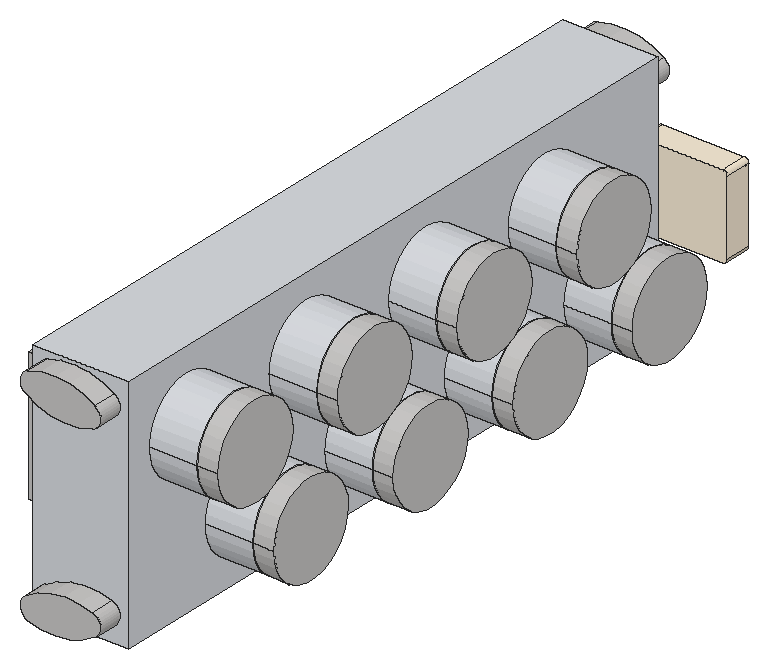
Revit family "HVAC_Ductwork_Airzone_Motorized-Plenum_LG_Standard_8-Dampers", category Mechanical Equipment, Revit 2016
Family settings
  Part Type = Normal
  Round Connector Dimension = Use Diameter
  OmniClass Number = 23.75.70.14
  OmniClass Title = Air Ductwork
  Work Plane-Based = No
  Always vertical = Yes
  Cut with Voids When Loaded = No
  Shared = No
  Room Calculation Point = No
Parameters (values of type "LGEST02XL8")
  Voltage = 230 V
  URL = "www.airzone.es"
  Type Image Comments = "Image available in product documentation download"  # constant formula
  Revit Model Version = "1.0"  # constant formula
  Revit Model Author URL = "www.a3d.es"
  Revit Model Author = "A3D Consulting"  # constant formula
  Product Documentation Download URL = "http://doc.airzone.es/BIM/Easyzone/LG-Airzone_motorized_plenum.zip"
  Product Comments = "Refer to technical documentation for further details"  # constant formula
  Power Factor = 1
  Neck Width = 1209.600 mm
  Neck Length = 95.000 mm
  Neck Height = 283.600 mm
  Material = Metal - AIRZONE - Galvanized Sheet - Semi-polished
  Main Control Board Material = Plastic - AIRZONE - Smooth - Off-white
  Load Classification = Other
  Insulated Body Width = 205.000 mm  # constant formula
  Insulated Body Material = Metal -AIRZONE - Insulating Lining -Aluminum Finish
  Insulated Body Length = 1425.000 mm  # constant formula
  Insulated Body Height = 515.000 mm  # constant formula
  Fresh Air Inlet 4 Flow [instance] = 0 m³/h
  Fresh Air Inlet 3 Flow [instance] = 0 m³/h
  Flow [instance] = Damper 8 Air Flow + Damper 7 Air Flow + Damper 6 Air Flow + Damper 5 Air Flow + Damper 4 Air Flow + Damper 3 Air Flow + Damper 2 Air Flow + Damper 1 Air Flow - Fresh Air Inlet 4 Flow - Fresh Air Inlet 3 Flow - Fresh Air Inlet 2 Flow - Fresh Air Inlet 1 Flow  # 2400 m³/h
  Fresh Air Inlet 1 Flow [instance] = 0 m³/h
  Fresh Air Inlet 2 Flow [instance] = 0 m³/h
  Fresh Air Inlet Connection Width = 175.000 mm
  Fresh Air Inlet Connection Height = 75.000 mm
  Model = "LGEST02XL8"
  Neck Side Offset = 107.700 mm
  Neck Bottom Offset = 135.700 mm
  Type Image = <None>
  Manufacturer = "AIRZONE"  # constant formula
  Main Control Board Depth = 57.000 mm  # constant formula
  Main Control Board Width = 195.000 mm  # constant formula
  Main Control Board Height = 180.000 mm  # constant formula
  Fixing = ""
  Disclaimer = "All information provided in this model is reviewed before being published. However, Airzone cannot guarantee this model is error-free, therefore users are strongly encouraged to check for technical documentation and updates"  # constant formula
  Description = "Airzone standard motorized plenum with neck that mechanically adapts to the main ducted AC units of LG."
  Type Comments = ""
  Dampers Length = 149.000 mm  # constant formula
  Dampers Diameter = 200.000 mm  # constant formula
  Damper 8 Air Flow [instance] = 300 m³/h
  Damper 7 Air Flow [instance] = 300 m³/h
  Damper 6 Air Flow [instance] = 300 m³/h
  Damper 5 Air Flow [instance] = 300 m³/h
  Damper 4 Air Flow [instance] = 300 m³/h
  Damper 1 Air Flow [instance] = 300 m³/h
  Damper 2 Air Flow [instance] = 300 m³/h
  Damper 3 Air Flow [instance] = 300 m³/h
  Fresh Air Inlet Connection Offset Height = 48.305 mm  # constant formula
  Compatible Accesories = ""
  Apparent Load = 57.5 VA
Types (4, lengths in mm): name | Neck Width | Neck Height | Model | Neck Side Offset | Neck Bottom Offset
  LGEST02XL8 | 1209.600 | 283.600 | "LGEST02XL8" | 107.700 | 135.700
  LGEST02L8 | 1209.600 | 203.600 | "LGEST02L8" | 108.700 | 170.700
  LGEST01XL8 | 1009.600 | 297.600 | "LGEST01XL8" | 218.800 | 131.700
  LGEST01L8 | 833.600 | 189.600 | "LGEST01L8" | 306.700 | 198.700
Reference planes
  plane 1 "Center (Front/Back)": y = 0
  plane 2 "Center (Elevation)": z = 0
  plane 3 "Center (Left/Right)": x = 0
  plane 4 "Neck Back": y = 604.8
  plane 5 "Neck Front": y = -604.8
  plane 6 "Neck Top": z = 141.8
  plane 7 "Neck Bottom": z = -141.8
  plane 8 "Left": x = 95
  plane 9 "Bottom": z = -277.5
  plane 10 "Top": z = 237.5
  plane 11 "Front": y = -712.5
  plane 12 "Back": y = 712.5
  plane 13 "Right": x = 300
  plane 14 "Dampers Front": x = 449
  plane 15 "Dampers L1 Center (Elevation)": z = 87.5
  plane 16 "Damper3": y = -235.84
  plane 17 "Damper2": y = 85.83
  plane 18 "Damper1": y = 407.5
  plane 19 "Middle": y = 0
  plane 20 "FreshAir L2 Center (Elevation)": z = -229.195
  plane 21 "FreshAir1": y = 765
  plane 22 "FreshAir2": y = -765
  plane 23 "Dampers Lining": x = 404
  plane 24 "FreshAir Vertical Axis": x = 195.83
  plane 25 "ConnectionBox Side": x = 254
  plane 26 "Main Control Board Center (Left/Right)": x = 351.5
  plane 27 "Damper4": y = -557.51
  plane 28 "Dampers L2 Center (Elevation)": z = -127.5
  plane 29 "Damper5": y = 557.51
  plane 30 "Damper6": y = 235.84
  plane 31 "Damper7": y = -85.83
  plane 32 "Damper8": y = -407.5
  plane 33 "InsulatedBody Center (Elevation)": z = -20
  plane 34 "FreshAir L1 Center (Elevation)": z = 189.195
Forms (mm)
  Extrusion 1, solid, material "Metal - AIRZONE - Galvanized Sheet - Semi-polished" <- "Material"
    sketch origin (0, 0, 0) x (0, 1, 0) y (0, 0, 1)
      loop
        line (-604.8, 141.8) -> (-604.8, -141.8) -> (604.8, -141.8) -> (604.8, 141.8) -> (-604.8, 141.8)
    from 0 to 95
  Extrusion 2, solid, material "Metal -AIRZONE - Insulating Lining -Aluminum Finish" <- "Insulated Body Material"
    sketch origin (95, 0, 0) x (0, 1, 0) y (0, 0, 1)
      loop
        line (-712.5, 237.5) -> (-712.5, -277.5) -> (712.5, -277.5) -> (712.5, 237.5) -> (-712.5, 237.5)
    from 0 to 205
  Extrusion 3, solid, material "Metal - AIRZONE - Galvanized Sheet - Semi-polished" <- "Material"
    sketch origin (300, 0, 0) x (0, 1, 0) y (0, 0, 1)
      loop
        circle (-235.84, 87.5) r 100
    from 104 to 149
  Extrusion 4, solid, material "Metal - AIRZONE - Galvanized Sheet - Semi-polished" <- "Material"
    sketch origin (300, 0, 0) x (0, 1, 0) y (0, 0, 1)
      loop
        circle (85.83, 87.5) r 100
    from 104 to 149
  Extrusion 5, solid, material "Metal - AIRZONE - Galvanized Sheet - Semi-polished" <- "Material"
    sketch origin (300, 0, 0) x (0, 1, 0) y (0, 0, 1)
      loop
        circle (407.5, 87.5) r 100
    from 104 to 149
  Extrusion 6, solid, material "Metal - AIRZONE - Galvanized Sheet - Semi-polished" <- "Material"
    sketch origin (0, -712.5, 0) x (0, 0, 1) y (1, 0, 0)
      loop
        arc (-196.641, 265.204) -> (-218.108, 282.105) -> (-242.812, 270.434) r 25.96
        arc (-242.812, 270.434) -> (-268.802, 200.598) -> (-261.349, 126.456) r 164.67
        arc (-261.349, 126.456) -> (-240.165, 109.589) -> (-215.494, 120.751) r 25.96
        arc (-215.494, 120.751) -> (-189.225, 190.78) -> (-196.641, 265.204) r 164.67
    from 0 to -52.5
  Extrusion 7, solid, material "Metal - AIRZONE - Galvanized Sheet - Semi-polished" <- "Material"
    sketch origin (0, 712.5, 0) x (0, 0, 1) y (1, 0, 0)
      loop
        arc (-196.641, 265.204) -> (-217.825, 282.071) -> (-242.496, 270.909) r 25.96
        arc (-242.496, 270.909) -> (-268.679, 201.53) -> (-261.767, 127.699) r 164.67
        arc (-261.767, 127.699) -> (-240.532, 109.637) -> (-215.178, 121.226) r 25.96
        arc (-215.178, 121.226) -> (-189.188, 191.062) -> (-196.641, 265.204) r 164.67
    from 0 to 52.5
  Extrusion 8, solid, material "Metal -AIRZONE - Insulating Lining -Aluminum Finish" <- "Insulated Body Material"
    sketch origin (300, 0, 0) x (0, 1, 0) y (0, 0, 1)
      loop
        circle (407.5, 87.5) r 100
    from 0 to 104
  Extrusion 9, solid, material "Metal -AIRZONE - Insulating Lining -Aluminum Finish" <- "Insulated Body Material"
    sketch origin (300, -260, 0) x (0, 1, 0) y (0, 0, 1)
      loop
        circle (345.83, 87.5) r 100
    from 0 to 104
  Extrusion 10, solid, material "Metal -AIRZONE - Insulating Lining -Aluminum Finish" <- "Insulated Body Material"
    sketch origin (300, -520, 0) x (0, 1, 0) y (0, 0, 1)
      loop
        circle (284.16, 87.5) r 100
    from 0 to 104
  Extrusion 11, solid, material "Metal - AIRZONE - Galvanized Sheet - Semi-polished" <- "Material"
    sketch origin (300, -190, 0) x (0, 1, 0) y (0, 0, 1)
      loop
        circle (-367.51, 87.5) r 100
    from 104 to 149
  Extrusion 12, solid, material "Metal -AIRZONE - Insulating Lining -Aluminum Finish" <- "Insulated Body Material"
    sketch origin (300, -710, 0) x (0, 1, 0) y (0, 0, 1)
      loop
        circle (152.49, 87.5) r 100
    from 0 to 104
  Extrusion 13, solid, material "Metal -AIRZONE - Insulating Lining -Aluminum Finish" <- "Insulated Body Material"
    sketch origin (300, -100, 0) x (0, 1, 0) y (0, 0, 1)
      loop
        circle (657.51, -127.5) r 100
    from 0 to 104
  Extrusion 14, solid, material "Metal - AIRZONE - Galvanized Sheet - Semi-polished" <- "Material"
    sketch origin (300, 150.01, 0) x (0, 1, 0) y (0, 0, 1)
      loop
        circle (407.5, -127.5) r 100
    from 104 to 149
  Extrusion 15, solid, material "Metal -AIRZONE - Insulating Lining -Aluminum Finish" <- "Insulated Body Material"
    sketch origin (300, -421.67, 0) x (0, 1, 0) y (0, 0, 1)
      loop
        circle (657.51, -127.5) r 100
    from 0 to 104
  Extrusion 16, solid, material "Metal - AIRZONE - Galvanized Sheet - Semi-polished" <- "Material"
    sketch origin (300, -171.66, 0) x (0, 1, 0) y (0, 0, 1)
      loop
        circle (407.5, -127.5) r 100
    from 104 to 149
  Extrusion 17, solid, material "Metal -AIRZONE - Insulating Lining -Aluminum Finish" <- "Insulated Body Material"
    sketch origin (300, -743.34, 0) x (0, 1, 0) y (0, 0, 1)
      loop
        circle (657.51, -127.5) r 100
    from 0 to 104
  Extrusion 18, solid, material "Metal - AIRZONE - Galvanized Sheet - Semi-polished" <- "Material"
    sketch origin (300, -493.33, 0) x (0, 1, 0) y (0, 0, 1)
      loop
        circle (407.5, -127.5) r 100
    from 104 to 149
  Extrusion 19, solid, material "Metal -AIRZONE - Insulating Lining -Aluminum Finish" <- "Insulated Body Material"
    sketch origin (300, -1065.01, 0) x (0, 1, 0) y (0, 0, 1)
      loop
        circle (657.51, -127.5) r 100
    from 0 to 104
  Extrusion 20, solid, material "Metal - AIRZONE - Galvanized Sheet - Semi-polished" <- "Material"
    sketch origin (300, -815, 0) x (0, 1, 0) y (0, 0, 1)
      loop
        circle (407.5, -127.5) r 100
    from 104 to 149
  Extrusion 21, solid, material "Metal - AIRZONE - Galvanized Sheet - Semi-polished" <- "Material"
    sketch origin (0, -712.5, -30) x (0, 0, -1) y (-1, 0, 0)
      loop
        arc (-186.641, -265.204) -> (-179.225, -190.78) -> (-205.494, -120.751) r 164.67
        arc (-205.494, -120.751) -> (-230.165, -109.589) -> (-251.349, -126.456) r 25.96
        arc (-251.349, -126.456) -> (-258.802, -200.598) -> (-232.812, -270.434) r 164.67
        arc (-232.812, -270.434) -> (-208.108, -282.105) -> (-186.641, -265.204) r 25.96
    from 0 to -52.5
  Extrusion 22, solid, material "Metal - AIRZONE - Galvanized Sheet - Semi-polished" <- "Material"
    sketch origin (0, 712.5, -30) x (0, 0, -1) y (-1, 0, 0)
      loop
        arc (-186.641, -265.204) -> (-179.188, -191.062) -> (-205.178, -121.226) r 164.67
        arc (-205.178, -121.226) -> (-230.532, -109.637) -> (-251.767, -127.699) r 25.96
        arc (-251.767, -127.699) -> (-258.679, -201.53) -> (-232.496, -270.909) r 164.67
        arc (-232.496, -270.909) -> (-207.825, -282.071) -> (-186.641, -265.204) r 25.96
    from 0 to 52.5
Lines and regions (mm)
  Masking region 1
    outline origin (0, 0, 0) x (1, 0, 0) y (0, 1, 0)
      loop
        line (95, 712.5) -> (95, -712.5) -> (300, -712.5) -> (300, 712.5) -> (95, 712.5)
  Masking region 2, detail levels medium+fine
    outline origin (0, 0, 0) x (1, 0, 0) y (0, 1, 0)
      loop
        line (0, 604.8) -> (0, -604.8) -> (95, -604.8) -> (95, 604.8) -> (0, 604.8)
  Masking region 3, detail levels medium+fine
    outline origin (0, 0, -229.195) x (1, 0, 0) y (0, 1, 0)
      loop
        line (108.33, 765) -> (108.33, 712.5) -> (283.33, 712.5) -> (283.33, 765) -> (108.33, 765)
  Masking region 4, detail levels medium+fine
    outline origin (0, 0, -229.195) x (1, 0, 0) y (0, 1, 0)
      loop
        line (108.33, -712.5) -> (108.33, -765) -> (283.33, -765) -> (283.33, -712.5) -> (108.33, -712.5)
  Masking region 5, detail levels medium+fine
    outline origin (0, 0, 0) x (1, 0, 0) y (0, 1, 0)
      loop
        line (254, 769.5) -> (254, 712.5) -> (449, 712.5) -> (449, 769.5) -> (254, 769.5)
  Masking region 6, detail levels medium+fine
    outline origin (0, 0, 87.5) x (0, -1, 0) y (1, 0, 0)
      loop
        line (457.51, 300) -> (657.51, 300) -> (657.51, 449) -> (457.51, 449) -> (457.51, 300)
  Masking region 7, detail levels medium+fine
    outline origin (0, 321.67, 87.5) x (0, -1, 0) y (1, 0, 0)
      loop
        line (457.51, 300) -> (657.51, 300) -> (657.51, 449) -> (457.51, 449) -> (457.51, 300)
  Masking region 8, detail levels medium+fine
    outline origin (0, 643.34, 87.5) x (0, -1, 0) y (1, 0, 0)
      loop
        line (457.51, 300) -> (657.51, 300) -> (657.51, 449) -> (457.51, 449) -> (457.51, 300)
  Masking region 9, detail levels medium+fine
    outline origin (0, 965.01, 87.5) x (0, -1, 0) y (1, 0, 0)
      loop
        line (457.51, 300) -> (657.51, 300) -> (657.51, 449) -> (457.51, 449) -> (457.51, 300)
  Masking region 10, detail levels medium+fine
    outline origin (0, 0, -127.5) x (0, -1, 0) y (1, 0, 0)
      loop
        line (-657.51, 300) -> (-457.51, 300) -> (-457.51, 449) -> (-657.51, 449) -> (-657.51, 300)
  Masking region 11, detail levels medium+fine
    outline origin (0, -321.67, -127.5) x (0, -1, 0) y (1, 0, 0)
      loop
        line (-657.51, 300) -> (-457.51, 300) -> (-457.51, 449) -> (-657.51, 449) -> (-657.51, 300)
  Masking region 12, detail levels medium+fine
    outline origin (0, -643.34, -127.5) x (0, -1, 0) y (1, 0, 0)
      loop
        line (-657.51, 300) -> (-457.51, 300) -> (-457.51, 449) -> (-657.51, 449) -> (-657.51, 300)
  Masking region 13, detail levels medium+fine
    outline origin (0, -965.01, -127.5) x (0, -1, 0) y (1, 0, 0)
      loop
        line (-657.51, 300) -> (-457.51, 300) -> (-457.51, 449) -> (-657.51, 449) -> (-657.51, 300)
  symbolic lines, detail levels coarse
    curve 1: line (95, -712.5, 0) -> (300, 0, 0)
    curve 2: line (300, 0, 0) -> (95, 712.5, 0)
Dimensions and locks
  equal spacing: plane 4 "Neck Back", plane 1 "Center (Front/Back)", plane 5 "Neck Front"
  "Neck Width": plane 4 "Neck Back" to plane 5 "Neck Front"
  equal spacing: plane 6 "Neck Top", level, plane 7 "Neck Bottom"
  "Neck Height": plane 6 "Neck Top" to plane 7 "Neck Bottom"
  "Neck Length": plane 3 "Center (Left/Right)" to plane 8 "Left"
  "Neck Bottom Offset": plane 7 "Neck Bottom" to plane 9 "Bottom"
  "Insulated Body Height": plane 10 "Top" to plane 9 "Bottom"
  "Insulated Body Length": plane 12 "Back" to plane 11 "Front"
  "Insulated Body Width": plane 8 "Left" to plane 13 "Right"
  "Dampers Length": plane 13 "Right" to plane 14 "Dampers Front"
  equal spacing: plane 12 "Back", plane 19 "Middle", plane 11 "Front"
  plane 8 "Left" to plane 13 "Right" = 205.000 mm
  "Fresh Air Inlet Connection Offset Height": plane 20 "FreshAir L2 Center (Elevation)" to plane 9 "Bottom"
  locked: Extrusion 6 sketch curve to plane 9 "Bottom" at 56.47
  locked: plane 13 "Right" to Extrusion 6 sketch curve at 43.69
  locked: plane 13 "Right" to Extrusion 6 sketch curve at 164.65
  locked: Extrusion 6 sketch curve to plane 9 "Bottom" at 40.54
  locked: plane 13 "Right" to Extrusion 6 sketch curve at 87.91
  locked: plane 9 "Bottom" to Extrusion 6 sketch curve at 75.01
  locked: plane 13 "Right" to Extrusion 6 sketch curve at 120.43
  locked: Extrusion 6 sketch curve to plane 9 "Bottom" at 172.02
  locked: plane 13 "Right" to Extrusion 7 sketch curve at 43.69
  locked: Extrusion 7 sketch curve to plane 9 "Bottom" at 56.47
  locked: Extrusion 7 sketch curve to plane 9 "Bottom" at 40.54
  locked: plane 13 "Right" to Extrusion 7 sketch curve at 164.65
  locked: plane 13 "Right" to Extrusion 7 sketch curve at 120.43
  locked: Extrusion 7 sketch curve to plane 9 "Bottom" at 172.02
  locked: plane 9 "Bottom" to Extrusion 7 sketch curve at 75.01
  locked: plane 13 "Right" to Extrusion 7 sketch curve at 87.91
  "Neck Side Offset": plane 12 "Back" to plane 4 "Neck Back"
  locked: plane 21 "FreshAir1" to plane 12 "Back" at 52.5
  plane 11 "Front" to plane 22 "FreshAir2" = 52.500 mm
  locked: connector elem to plane 13 "Right" at 104.17
  locked: plane 20 "FreshAir L2 Center (Elevation)" to connector elem
  locked: plane 13 "Right" to connector elem at 104.17
  locked: connector elem to plane 20 "FreshAir L2 Center (Elevation)"
  locked: plane 23 "Dampers Lining" to plane 14 "Dampers Front" at 45
  locked: plane 24 "FreshAir Vertical Axis" to plane 13 "Right" at 104.17
  equal spacing: Masking region 3 sketch curve, plane 24 "FreshAir Vertical Axis", Masking region 3 sketch curve
  "Fresh Air Inlet Connection Width": Masking region 3 sketch curve to Masking region 3 sketch curve
  equal spacing: Masking region 4 sketch curve, plane 24 "FreshAir Vertical Axis", Masking region 4 sketch curve
  "Fresh Air Inlet Connection Width": Masking region 4 sketch curve to Masking region 4 sketch curve
  "Main Control Board Depth": Masking region 5 sketch curve to plane 12 "Back"
  "Main Control Board Width": plane 25 "ConnectionBox Side" to plane 14 "Dampers Front"
  equal spacing: plane 25 "ConnectionBox Side", plane 26 "Main Control Board Center (Left/Right)", plane 14 "Dampers Front"
  equal spacing: Masking region 6 sketch curve, plane 27 "Damper4", Masking region 6 sketch curve
  "Dampers Diameter": Masking region 6 sketch curve to Masking region 6 sketch curve
  plane 18 "Damper1" to plane 17 "Damper2" to plane 16 "Damper3" to plane 27 "Damper4" = 321.670 mm locked, 321.670 mm locked, 321.670 mm locked
  locked: plane 17 "Damper2" to plane 19 "Middle" at 85.83
  locked: plane 10 "Top" to plane 15 "Dampers L1 Center (Elevation)" at 150
  locked: plane 28 "Dampers L2 Center (Elevation)" to plane 9 "Bottom" at 150
  plane 29 "Damper5" to plane 30 "Damper6" to plane 31 "Damper7" to plane 32 "Damper8" = 321.670 mm locked, 321.670 mm locked, 321.670 mm locked
  locked: plane 19 "Middle" to plane 31 "Damper7" at 85.83
  equal spacing: Masking region 7 sketch curve, plane 16 "Damper3", Masking region 7 sketch curve
  "Dampers Diameter": Masking region 7 sketch curve to Masking region 7 sketch curve
  equal spacing: Masking region 8 sketch curve, plane 17 "Damper2", Masking region 8 sketch curve
  "Dampers Diameter": Masking region 8 sketch curve to Masking region 8 sketch curve
  equal spacing: Masking region 9 sketch curve, plane 18 "Damper1", Masking region 9 sketch curve
  "Dampers Diameter": Masking region 9 sketch curve to Masking region 9 sketch curve
  equal spacing: Masking region 10 sketch curve, plane 29 "Damper5", Masking region 10 sketch curve
  "Dampers Diameter": Masking region 10 sketch curve to Masking region 10 sketch curve
  equal spacing: Masking region 11 sketch curve, plane 30 "Damper6", Masking region 11 sketch curve
  "Dampers Diameter": Masking region 11 sketch curve to Masking region 11 sketch curve
  equal spacing: Masking region 12 sketch curve, plane 31 "Damper7", Masking region 12 sketch curve
  "Dampers Diameter": Masking region 12 sketch curve to Masking region 12 sketch curve
  equal spacing: Masking region 13 sketch curve, plane 32 "Damper8", Masking region 13 sketch curve
  "Dampers Diameter": Masking region 13 sketch curve to Masking region 13 sketch curve
  equal spacing: plane 10 "Top", plane 33 "InsulatedBody Center (Elevation)", plane 9 "Bottom"
  locked: plane 13 "Right" to Extrusion 21 sketch curve at 43.69
  locked: plane 13 "Right" to Extrusion 21 sketch curve at 87.91
  locked: plane 13 "Right" to Extrusion 21 sketch curve at 120.43
  locked: plane 13 "Right" to Extrusion 21 sketch curve at 164.65
  locked: Extrusion 21 sketch curve to plane 10 "Top" at 75.01
  locked: plane 10 "Top" to Extrusion 21 sketch curve at 40.54
  locked: plane 10 "Top" to Extrusion 21 sketch curve at 56.47
  locked: plane 10 "Top" to Extrusion 21 sketch curve at 172.02
  locked: plane 10 "Top" to Extrusion 22 sketch curve at 75.01
  locked: Extrusion 22 sketch curve to plane 10 "Top" at 40.54
  locked: Extrusion 22 sketch curve to plane 10 "Top" at 56.47
  locked: Extrusion 22 sketch curve to plane 10 "Top" at 172.02
  locked: plane 13 "Right" to Extrusion 22 sketch curve at 43.69
  locked: plane 13 "Right" to Extrusion 22 sketch curve at 87.91
  locked: plane 13 "Right" to Extrusion 22 sketch curve at 120.43
  locked: plane 13 "Right" to Extrusion 22 sketch curve at 164.65
  "Fresh Air Inlet Connection Offset Height": plane 10 "Top" to plane 34 "FreshAir L1 Center (Elevation)"
  locked: connector elem to plane 24 "FreshAir Vertical Axis"  (x2)
  locked: connector elem to plane 34 "FreshAir L1 Center (Elevation)"  (x2)
  "Dampers Diameter": diameter of Extrusion 3 sketch curve
  "Dampers Diameter": diameter of Extrusion 4 sketch curve
  "Dampers Diameter": diameter of Extrusion 5 sketch curve
  radius of Extrusion 7 sketch curve = 164.670 mm  (x2)
  radius of Extrusion 7 sketch curve = 25.960 mm  (x2)
  radius of Extrusion 6 sketch curve = 164.670 mm  (x2)
  radius of Extrusion 6 sketch curve = 25.960 mm  (x2)
  "Dampers Diameter": diameter of Extrusion 8 sketch curve
  "Dampers Diameter": diameter of Extrusion 9 sketch curve
  "Dampers Diameter": diameter of Extrusion 10 sketch curve
  "Dampers Diameter": diameter of Extrusion 11 sketch curve
  "Dampers Diameter": diameter of Extrusion 12 sketch curve
  "Dampers Diameter": diameter of Extrusion 13 sketch curve
  "Dampers Diameter": diameter of Extrusion 14 sketch curve
  "Dampers Diameter": diameter of Extrusion 15 sketch curve
  "Dampers Diameter": diameter of Extrusion 16 sketch curve
  "Dampers Diameter": diameter of Extrusion 17 sketch curve
  "Dampers Diameter": diameter of Extrusion 18 sketch curve
  "Dampers Diameter": diameter of Extrusion 19 sketch curve
  "Dampers Diameter": diameter of Extrusion 20 sketch curve
  radius of Extrusion 21 sketch curve = 164.670 mm  (x2)
  radius of Extrusion 21 sketch curve = 25.960 mm  (x2)
  radius of Extrusion 22 sketch curve = 164.670 mm  (x2)
  radius of Extrusion 22 sketch curve = 25.960 mm  (x2)
  aligned and locked: level to plane 2 "Center (Elevation)"
  aligned and locked: plane 5 "Neck Front" to Extrusion 1 sketch curve
  aligned and locked: Extrusion 1 sketch curve to plane 6 "Neck Top"
  aligned and locked: Extrusion 1 sketch curve to plane 4 "Neck Back"
  aligned and locked: plane 7 "Neck Bottom" to Extrusion 1 sketch curve
  aligned and locked: Extrusion 1 to plane 3 "Center (Left/Right)"
  aligned and locked: Extrusion 2 sketch curve to plane 10 "Top"
  aligned and locked: Extrusion 2 sketch curve to plane 12 "Back"
  aligned and locked: plane 9 "Bottom" to Extrusion 2 sketch curve
  aligned and locked: plane 11 "Front" to Extrusion 2 sketch curve
  aligned and locked: plane 13 "Right" to Extrusion 2
  aligned and locked: Extrusion 2 to plane 8 "Left"
  aligned and locked: plane 16 "Damper3" to Extrusion 3 sketch curve
  aligned and locked: plane 15 "Dampers L1 Center (Elevation)" to Extrusion 3 sketch curve
  aligned and locked: plane 15 "Dampers L1 Center (Elevation)" to Extrusion 4 sketch curve
  aligned and locked: plane 18 "Damper1" to Extrusion 5 sketch curve
  aligned and locked: plane 15 "Dampers L1 Center (Elevation)" to Extrusion 5 sketch curve
  aligned and locked: plane 14 "Dampers Front" to Extrusion 5
  aligned and locked: plane 14 "Dampers Front" to Extrusion 4
  aligned and locked: plane 14 "Dampers Front" to Extrusion 3
  aligned and locked: plane 8 "Left" to Extrusion 1
  aligned and locked: plane 22 "FreshAir2" to Extrusion 6
  aligned and locked: plane 21 "FreshAir1" to Extrusion 7
  aligned and locked: Extrusion 7 to plane 12 "Back"
  aligned and locked: plane 11 "Front" to Extrusion 6
  aligned and locked: Extrusion 5 to plane 23 "Dampers Lining"
  aligned and locked: Extrusion 5 to Extrusion 4
  aligned and locked: Extrusion 4 to Extrusion 3
  aligned and locked: plane 23 "Dampers Lining" to Extrusion 8
  aligned and locked: Extrusion 10 to plane 13 "Right"
  aligned and locked: plane 23 "Dampers Lining" to Extrusion 10
  aligned and locked: Extrusion 9 to plane 13 "Right"
  aligned and locked: plane 23 "Dampers Lining" to Extrusion 9
  aligned and locked: Extrusion 8 to plane 13 "Right"
  aligned and locked: Extrusion 9 to Extrusion 8
  aligned and locked: plane 18 "Damper1" to Extrusion 8 sketch curve
  aligned and locked: plane 15 "Dampers L1 Center (Elevation)" to Extrusion 8 sketch curve
  aligned and locked: plane 15 "Dampers L1 Center (Elevation)" to Extrusion 9 sketch curve
  aligned and locked: plane 16 "Damper3" to Extrusion 10 sketch curve
  aligned and locked: plane 15 "Dampers L1 Center (Elevation)" to Extrusion 10 sketch curve
  aligned and locked: Masking region 1 sketch curve to plane 12 "Back"
  aligned and locked: plane 8 "Left" to Masking region 1 sketch curve
  aligned and locked: Masking region 1 sketch curve to plane 13 "Right"
  aligned and locked: plane 11 "Front" to Masking region 1 sketch curve
  aligned and locked: plane 5 "Neck Front" to Masking region 2 sketch curve
  aligned and locked: plane 3 "Center (Left/Right)" to Masking region 2 sketch curve
  aligned and locked: Masking region 2 sketch curve to plane 4 "Neck Back"
  aligned and locked: Masking region 2 sketch curve to plane 8 "Left"
  aligned and locked: plane 12 "Back" to Masking region 3 sketch curve
  aligned and locked: Masking region 3 sketch curve to plane 21 "FreshAir1"
  aligned and locked: Masking region 4 sketch curve to plane 11 "Front"
  aligned and locked: Masking region 4 sketch curve to plane 22 "FreshAir2"
  aligned and locked: plane 12 "Back" to Masking region 5 sketch curve
  aligned and locked: Masking region 5 sketch curve to plane 14 "Dampers Front"
  aligned and locked: plane 25 "ConnectionBox Side" to Masking region 5 sketch curve
  aligned and locked: plane 17 "Damper2" to Extrusion 9 sketch curve
  aligned and locked: plane 17 "Damper2" to Extrusion 4 sketch curve
  aligned and locked: Masking region 6 sketch curve to plane 14 "Dampers Front"
  aligned and locked: plane 13 "Right" to Masking region 6 sketch curve
  aligned and locked: Extrusion 12 to plane 13 "Right"
  aligned and locked: plane 23 "Dampers Lining" to Extrusion 12
  aligned and locked: Extrusion 11 to plane 23 "Dampers Lining"
  aligned and locked: plane 14 "Dampers Front" to Extrusion 11
  aligned and locked: plane 15 "Dampers L1 Center (Elevation)" to Extrusion 12 sketch curve
  aligned and locked: plane 27 "Damper4" to Extrusion 12 sketch curve
  aligned and locked: plane 15 "Dampers L1 Center (Elevation)" to Extrusion 11 sketch curve
  aligned and locked: plane 27 "Damper4" to Extrusion 11 sketch curve
  aligned and locked: Extrusion 13 to plane 13 "Right"
  aligned and locked: plane 23 "Dampers Lining" to Extrusion 13
  aligned and locked: plane 28 "Dampers L2 Center (Elevation)" to Extrusion 13 sketch curve
  aligned and locked: plane 29 "Damper5" to Extrusion 13 sketch curve
  aligned and locked: Extrusion 14 to plane 23 "Dampers Lining"
  aligned and locked: plane 14 "Dampers Front" to Extrusion 14
  aligned and locked: plane 28 "Dampers L2 Center (Elevation)" to Extrusion 14 sketch curve
  aligned and locked: plane 29 "Damper5" to Extrusion 14 sketch curve
  aligned and locked: Extrusion 15 to plane 13 "Right"
  aligned and locked: plane 23 "Dampers Lining" to Extrusion 15
  aligned and locked: Extrusion 17 to plane 13 "Right"
  aligned and locked: plane 23 "Dampers Lining" to Extrusion 17
  aligned and locked: Extrusion 19 to plane 13 "Right"
  aligned and locked: plane 23 "Dampers Lining" to Extrusion 19
  aligned and locked: Extrusion 20 to plane 23 "Dampers Lining"
  aligned and locked: plane 14 "Dampers Front" to Extrusion 20
  aligned and locked: Extrusion 18 to plane 23 "Dampers Lining"
  aligned and locked: plane 14 "Dampers Front" to Extrusion 18
  aligned and locked: Extrusion 16 to plane 23 "Dampers Lining"
  aligned and locked: plane 14 "Dampers Front" to Extrusion 16
  aligned and locked: plane 30 "Damper6" to Extrusion 16 sketch curve
  aligned and locked: plane 28 "Dampers L2 Center (Elevation)" to Extrusion 16 sketch curve
  aligned and locked: plane 31 "Damper7" to Extrusion 18 sketch curve
  aligned and locked: plane 28 "Dampers L2 Center (Elevation)" to Extrusion 18 sketch curve
  aligned and locked: plane 32 "Damper8" to Extrusion 20 sketch curve
  aligned and locked: plane 28 "Dampers L2 Center (Elevation)" to Extrusion 20 sketch curve
  aligned and locked: plane 32 "Damper8" to Extrusion 19 sketch curve
  aligned and locked: plane 28 "Dampers L2 Center (Elevation)" to Extrusion 19 sketch curve
  aligned and locked: plane 28 "Dampers L2 Center (Elevation)" to Extrusion 17 sketch curve
  aligned and locked: plane 31 "Damper7" to Extrusion 17 sketch curve
  aligned and locked: plane 30 "Damper6" to Extrusion 15 sketch curve
  aligned and locked: plane 28 "Dampers L2 Center (Elevation)" to Extrusion 15 sketch curve
  aligned and locked: plane 13 "Right" to Masking region 7 sketch curve
  aligned and locked: Masking region 7 sketch curve to plane 14 "Dampers Front"
  aligned and locked: plane 13 "Right" to Masking region 8 sketch curve
  aligned and locked: Masking region 8 sketch curve to plane 14 "Dampers Front"
  aligned and locked: plane 13 "Right" to Masking region 9 sketch curve
  aligned and locked: Masking region 9 sketch curve to plane 14 "Dampers Front"
  aligned and locked: plane 13 "Right" to Masking region 10 sketch curve
  aligned and locked: Masking region 10 sketch curve to plane 14 "Dampers Front"
  aligned and locked: plane 13 "Right" to Masking region 13 sketch curve
  aligned and locked: Masking region 13 sketch curve to plane 14 "Dampers Front"
  aligned and locked: plane 13 "Right" to Masking region 12 sketch curve
  aligned and locked: Masking region 12 sketch curve to plane 14 "Dampers Front"
  aligned and locked: plane 13 "Right" to Masking region 11 sketch curve
  aligned and locked: Masking region 11 sketch curve to plane 14 "Dampers Front"
  aligned and locked: plane 11 "Front" to Extrusion 21
  aligned and locked: plane 22 "FreshAir2" to Extrusion 21
  aligned and locked: plane 21 "FreshAir1" to Extrusion 22
  aligned and locked: Extrusion 22 to plane 12 "Back"
  aligned and locked: nested 1 to plane 12 "Back"
  aligned and locked: nested 1 to plane 26 "Main Control Board Center (Left/Right)"
  aligned and locked: nested 1 to plane 33 "InsulatedBody Center (Elevation)"
Automatic sketch dimensions
  curve 2 to plane 8 "Left" = 0.000 mm
  curve 1 to plane 8 "Left" = 0.000 mm
  curve 2 to plane 13 "Right" = 0.000 mm
  curve 1 to plane 11 "Front" = 0.000 mm
  curve 2 to plane 19 "Middle" = 0.000 mm
  curve 2 to plane 12 "Back" = 0.000 mm
Nested families
  nested 1: "Airzone_Main-Control-Board" at (351.5, 712.5, -20) x (-1, 0, 0) z (0, 1, 0), Extrusion <- "Main Control Board Depth", Height <- "Main Control Board Height", Width <- "Main Control Board Width", Material <- "Main Control Board Material", type "Standard"
    with Width 195.000 mm, Material Plastic - AIRZONE - Smooth - Off-white, Height 180.000 mm, Extrusion 57.000 mm
Connectors
  hvac at (449, -235.84, 87.5), driven by "Damper 3 Air Flow", driven by "Dampers Diameter"
    settings: on Extrusion 3, index 1, duct flow 300 m³/h, flow factor 0, pres drop 0.0 Pa, loss coef 0, conn angle 0.00°, conn width 304.8 mm, conn height 304.8 mm, conn diameter 200 mm, duct sys type 1, conn prof type 0, flow config 0, flow direction 2, loss method 0, conn ref index -1, conn util no, is conn primary no, conn desc "Supply Air Out 3"
  hvac at (449, 85.83, 87.5), driven by "Damper 2 Air Flow", driven by "Dampers Diameter"
    settings: on Extrusion 4, index 2, duct flow 300 m³/h, flow factor 0, pres drop 0.0 Pa, loss coef 0, conn angle 0.00°, conn width 304.8 mm, conn height 304.8 mm, conn diameter 200 mm, duct sys type 1, conn prof type 0, flow config 0, flow direction 2, loss method 0, conn ref index -1, conn util no, is conn primary no, conn desc "Supply Air Out 2"
  hvac at (449, 407.5, 87.5), driven by "Damper 1 Air Flow", driven by "Dampers Diameter"
    settings: on Extrusion 5, index 3, duct flow 300 m³/h, flow factor 0, pres drop 0.0 Pa, loss coef 0, conn angle 0.00°, conn width 304.8 mm, conn height 304.8 mm, conn diameter 200 mm, duct sys type 1, conn prof type 0, flow config 0, flow direction 2, loss method 0, conn ref index -1, conn util no, is conn primary no, conn desc "Supply Air Out 1"
  hvac at (0, 0, 0), driven by "Flow", driven by "Neck Height", driven by "Neck Width"
    settings: on Extrusion 1, index 6, duct flow 2400 m³/h, flow factor 0, pres drop 0.0 Pa, loss coef 0, conn angle 0.00°, conn width 1209.6 mm, conn height 283.6 mm, conn diameter 609.6 mm, duct sys type 1, conn prof type 1, flow config 1, flow direction 1, loss method 0, conn ref index -1, conn util no, is conn primary yes, conn desc "Supply Air In"
  hvac at (195.83, -765, -229.195), driven by "Fresh Air Inlet 4 Flow", driven by "Fresh Air Inlet Connection Width", driven by "Fresh Air Inlet Connection Height"
    settings: index 7, duct flow 0 m³/h, flow factor 0, pres drop 0.0 Pa, loss coef 0, conn angle 0.00°, conn width 175 mm, conn height 75 mm, conn diameter 609.6 mm, duct sys type 1, conn prof type 2, flow config 1, flow direction 1, loss method 0, conn ref index -1, conn util no, is conn primary no, conn desc "Fresh Air In 4"
  hvac at (195.83, 765, -229.195), driven by "Fresh Air Inlet 3 Flow", driven by "Fresh Air Inlet Connection Height", driven by "Fresh Air Inlet Connection Width"
    settings: index 8, duct flow 0 m³/h, flow factor 0, pres drop 0.0 Pa, loss coef 0, conn angle 0.00°, conn width 175 mm, conn height 75 mm, conn diameter 609.6 mm, duct sys type 1, conn prof type 2, flow config 1, flow direction 1, loss method 0, conn ref index -1, conn util no, is conn primary no, conn desc "Fresh Air In 3"
  hvac at (449, -557.51, 87.5), driven by "Damper 4 Air Flow", driven by "Dampers Diameter"
    settings: on Extrusion 11, index 9, duct flow 300 m³/h, flow factor 0, pres drop 0.0 Pa, loss coef 0, conn angle 0.00°, conn width 304.8 mm, conn height 304.8 mm, conn diameter 200 mm, duct sys type 1, conn prof type 0, flow config 0, flow direction 2, loss method 0, conn ref index -1, conn util no, is conn primary no, conn desc "Supply Air Out 4"
  hvac at (449, 557.51, -127.5), driven by "Dampers Diameter", driven by "Damper 5 Air Flow"
    settings: on Extrusion 14, index 10, duct flow 300 m³/h, flow factor 0, pres drop 0.0 Pa, loss coef 0, conn angle 0.00°, conn width 304.8 mm, conn height 304.8 mm, conn diameter 200 mm, duct sys type 1, conn prof type 0, flow config 0, flow direction 2, loss method 0, conn ref index -1, conn util no, is conn primary no, conn desc ""
  hvac at (449, 235.84, -127.5), driven by "Dampers Diameter", driven by "Damper 6 Air Flow"
    settings: on Extrusion 16, index 11, duct flow 300 m³/h, flow factor 0, pres drop 0.0 Pa, loss coef 0, conn angle 0.00°, conn width 304.8 mm, conn height 304.8 mm, conn diameter 200 mm, duct sys type 1, conn prof type 0, flow config 0, flow direction 2, loss method 0, conn ref index -1, conn util no, is conn primary no, conn desc ""
  hvac at (449, -85.83, -127.5), driven by "Dampers Diameter", driven by "Damper 7 Air Flow"
    settings: on Extrusion 18, index 12, duct flow 300 m³/h, flow factor 0, pres drop 0.0 Pa, loss coef 0, conn angle 0.00°, conn width 304.8 mm, conn height 304.8 mm, conn diameter 200 mm, duct sys type 1, conn prof type 0, flow config 0, flow direction 2, loss method 0, conn ref index -1, conn util no, is conn primary no, conn desc ""
  hvac at (449, -407.5, -127.5), driven by "Dampers Diameter", driven by "Damper 8 Air Flow"
    settings: on Extrusion 20, index 13, duct flow 300 m³/h, flow factor 0, pres drop 0.0 Pa, loss coef 0, conn angle 0.00°, conn width 304.8 mm, conn height 304.8 mm, conn diameter 200 mm, duct sys type 1, conn prof type 0, flow config 0, flow direction 2, loss method 0, conn ref index -1, conn util no, is conn primary no, conn desc ""
  hvac at (195.83, -765, 189.195), driven by "Fresh Air Inlet 2 Flow", driven by "Fresh Air Inlet Connection Height", driven by "Fresh Air Inlet Connection Width"
    settings: index 14, duct flow 0 m³/h, flow factor 0, pres drop 0.0 Pa, loss coef 0, conn angle 0.00°, conn width 175 mm, conn height 75 mm, conn diameter 609.6 mm, duct sys type 1, conn prof type 2, flow config 1, flow direction 1, loss method 0, conn ref index -1, conn util no, is conn primary no, conn desc "Fresh Air In 2"
  hvac at (195.83, 765, 189.195), driven by "Fresh Air Inlet 1 Flow", driven by "Fresh Air Inlet Connection Height", driven by "Fresh Air Inlet Connection Width"
    settings: index 15, duct flow 0 m³/h, flow factor 0, pres drop 0.0 Pa, loss coef 0, conn angle 0.00°, conn width 175 mm, conn height 75 mm, conn diameter 609.6 mm, duct sys type 1, conn prof type 2, flow config 1, flow direction 1, loss method 0, conn ref index -1, conn util no, is conn primary no, conn desc "Fresh Air In 1"
  electrical at (351.5, 769.5, -20), driven by "Load Classification", driven by "Voltage", driven by "Apparent Load", driven by "Power Factor"
    settings: on nested 1, index 16, voltage 230 V, apparent load 57.5 VA, apparent load phase1 0 VA, apparent load phase2 0 VA, apparent load phase3 0 VA, power factor 1, load classification "Other", number of poles 1, system type 30, power factor state 1, is connector primary yes, connector utility no, sub classification motor no, connector description "Power Supply"
Definition of nested family "Airzone_Main-Control-Board"
  Parameters (values of type "Standard")
    Width [instance] = 195.000 mm
    URL = "www.airzone.es"
    Revit Model Version = "1.0"  # constant formula
    Revit Model Author URL = "www.a3d.es"
    Revit Model Author = "A3D Consulting"  # constant formula
    Material [instance] = none
    Manufacturer = "AIRZONE"  # constant formula
    Height [instance] = 180.000 mm
    Extrusion [instance] = 57.000 mm
    Default Elevation = 0.000 mm
  Reference planes
    plane 1 "Center (Front/Back)": y = 0
    plane 2: z = 0
    plane 3 "Center (Left/Right)": x = 0
    plane 4: y = 90
    plane 5: y = -90
    plane 6: x = 97.5
    plane 7: x = -97.5
  Forms (mm)
    Extrusion 1, solid, material <- "Material"
      sketch origin (0, 0, 0) x (1, 0, 0) y (0, 1, 0)
        loop
          arc (-87.5, 90) -> (-94.571, 87.071) -> (-97.5, 80) r 10
          line (-97.5, 80) -> (-97.5, -80)
          arc (-97.5, -80) -> (-94.571, -87.071) -> (-87.5, -90) r 10
          line (-87.5, -90) -> (87.5, -90)
          arc (87.5, -90) -> (94.571, -87.071) -> (97.5, -80) r 10
          line (97.5, -80) -> (97.5, 80)
          arc (97.5, 80) -> (94.571, 87.071) -> (87.5, 90) r 10
          line (87.5, 90) -> (-87.5, 90)
      from 0 to 57 <- "Extrusion"
  Dimensions and locks
    equal spacing: plane 7, plane 3 "Center (Left/Right)", plane 6
    equal spacing: plane 4, plane 1 "Center (Front/Back)", plane 5
    "Width": plane 7 to plane 6
    "Height": plane 4 to plane 5
    radius of Extrusion 1 sketch curve = 10.000 mm  (x4)
    aligned and locked: level to plane 2
    aligned and locked: plane 5 to Extrusion 1 sketch curve
    aligned and locked: Extrusion 1 sketch curve to plane 6
    aligned and locked: Extrusion 1 sketch curve to plane 4
    aligned and locked: plane 7 to Extrusion 1 sketch curve
